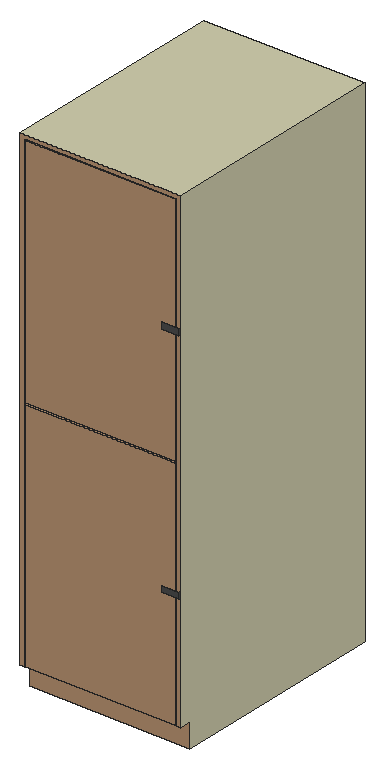
Revit family "Cabinet_Wenger_UltraStor_14", category Furniture, Revit 2015
Parameters (values of type "UltraStor Cabinet #14 - Comp Wood Doors")
  URL = "https://www.wengercorp.com/"
  Type Comments = ""
  Specification = "http://www.arcat.com/sdspecs/htm04/12_35_83wen.htm"
  Shelf Thickness = 0' - 1 1/8"
  Sales Information = "https://www.wengercorp.com/contact-us.php"
  Revision = "R1_2018-04"
  Rear Panel Thickness = 0' - 0 3/4"
  Product Data = "http://www.arcat.com/arcatcos/cos36/arc36487.html"
  Manufacturer Website = "https://www.wengercorp.com/"
  Manufacturer Phone - Toll Free = "800-4WENGER"
  Manufacturer Phone = "(507) 455-4100"
  Manufacturer Fax = "(507) 455-4258"
  Manufacturer Address = "555 Park Dr., Owatonna, MN 55060"
  Keynote = "12 35 83"
  HasDoors = yes
  Green Building-LEED = "http://www.arcat.com/green/clients/leed_data_36487.html"
  Drawn By = "Sumex Design, Inc. / Robert S. Weygant, CSI, CDT, SCIP"
  Door Width = (Cabinet Width - 0' 1 1/2")  # 2' - 2"
  Door Style = Door_Base : Solid Door
  Door Material [instance] = Wenger Cherry (Use Cherry Edge Band Only)
  Toe Kick Material [instance] = Wenger Cherry (Use Cherry Edge Band Only)
  RH End Panel [instance] = no
  Model = "#14"
  Manufacturer = "Wenger Corporation"
  LH End Panel [instance] = no
  End Panel Material [instance] = Wenger Cherry (Use Cherry Edge Band Only)
  Edge Banding Material [instance] = Wenger Cherry (Use Cherry Edge Band Only)
  Cost = 0
  Copyright = "© 2018 Arcat Inc."
  Construction Details = "http://www.arcat.com/details/wengerco/wengerco.html?coid=36487"
  Body Material [instance] = Wenger - Oyster
  Description = "Wenger UltraStor Cabinet #14 - Comp Wood Doors"
  Cabinet Width = 2' - 3 1/2"
  Cabinet Height = 7' - 1 5/8"
  Installed Depth = 3' - 3 1/4"
  Cabinet Panel Thickness = 0' - 0 3/4"
  Assembly Code = "E2010200"
Types (14): name | Rear Panel Thickness | HasDoors | Door Width | Door Style | Door Material | Model | Description | Cabinet Width | Installed Depth
  Acoustic Cabinet #14 - No Doors | 0' - 3 1/4" | no | 2' - 2" | Door_Base : Solid Door | none | "#14A" | "Wenger Acoustic Cabinet #14 - No Doors" | 2' - 3 1/2" | 3' - 5 3/4"
  Narrow Acoustic Cabinet #14 - No Doors | 0' - 3 1/4" | no | 1' - 8" | Door_Base : Solid Door | none | "#14NA" | "Wenger Narrow Acoustic Cabinet #14 - No Doors" | 1' - 9 1/2" | 3' - 5 3/4"
  Narrow Acoustic Cabinet #14 - Comp Waterfall Grille Doors | 0' - 3 1/4" | yes | 1' - 8" | Door_Base : Waterfall | Painted Black | "#14NA" | "Wenger Narrow Acoustic Cabinet #14 - Comp Waterfall Grille Doors" | 1' - 9 1/2" | 3' - 5 3/4"
  Narrow Acoustic Cabinet #14 - Comp Grille Doors | 0' - 3 1/4" | yes | 1' - 8" | Door_Base : Bars | Painted Black | "#14NA" | "Wenger Narrow Acoustic Cabinet #14 - Comp Grille Doors" | 1' - 9 1/2" | 3' - 5 3/4"
  Acoustic Cabinet #14 - Comp Grille Doors | 0' - 3 1/4" | yes | 2' - 2" | Door_Base : Bars | Painted Black | "#14A" | "Wenger Acoustic Cabinet #14 - Comp Grille Doors" | 2' - 3 1/2" | 3' - 5 3/4"
  Acoustic Cabinet #14 - Comp Waterfall Grille Doors | 0' - 3 1/4" | yes | 2' - 2" | Door_Base : Waterfall | Painted Black | "#14A" | "Wenger Acoustic Cabinet #14 - Comp Waterfall Grille Doors" | 2' - 3 1/2" | 3' - 5 3/4"
  UltraStor Cabinet #14 - Comp Wood Doors | 0' - 0 3/4" | yes | 2' - 2" | Door_Base : Solid Door | Wenger Cherry (Use Cherry Edge Band Only) | "#14" | "Wenger UltraStor Cabinet #14 - Comp Wood Doors" | 2' - 3 1/2" | 3' - 3 1/4"
  Narrow UltraStor Cabinet #14 - No Doors | 0' - 0 3/4" | no | 1' - 8" | Door_Base : Solid Door | none | "#14N" | "Wenger Narrow Cabinet #14 - No Doors" | 1' - 9 1/2" | 3' - 3 1/4"
  Narrow UltraStor Cabinet #14 - Comp Waterfall Grille Doors | 0' - 0 3/4" | yes | 1' - 8" | Door_Base : Waterfall | Painted Black | "#14N" | "Wenger Narrow Cabinet #14 - Comp Waterfall Grille Doors" | 1' - 9 1/2" | 3' - 3 1/4"
  Narrow UltraStor Cabinet #14 - Comp Grille Doors | 0' - 0 3/4" | yes | 1' - 8" | Door_Base : Bars | Painted Black | "#14N" | "Wenger Narrow Cabinet #14 - Comp Grille Doors" | 1' - 9 1/2" | 3' - 3 1/4"
  UltraStor Cabinet #14 - Comp Waterfall Grille Doors | 0' - 0 3/4" | yes | 2' - 2" | Door_Base : Waterfall | Painted Black | "#14" | "Wenger UltraStor Cabinet #14 - Comp Waterfall Grille Doors" | 2' - 3 1/2" | 3' - 3 1/4"
  Narrow UltraStor Cabinet #14 - Comp Wood Doors | 0' - 0 3/4" | yes | 1' - 8" | Door_Base : Solid Door | Wenger Cherry (Use Cherry Edge Band Only) | "#14N" | "Wenger Narrow Cabinet #14 - Comp Wood Doors" | 1' - 9 1/2" | 3' - 3 1/4"
  UltraStor Cabinet #14 - No Doors | 0' - 0 3/4" | no | 2' - 2" | Door_Base : Solid Door | none | "#14" | "Wenger UltraStor Cabinet #14 - No Doors" | 2' - 3 1/2" | 3' - 3 1/4"
  UltraStor Cabinet #14 - Comp Grille Doors | 0' - 0 3/4" | yes | 2' - 2" | Door_Base : Bars | Painted Black | "#14" | "Wenger UltraStor Cabinet #14 - Comp Grille Doors" | 2' - 3 1/2" | 3' - 3 1/4"
Reference planes (in)
  plane 1 "Front": y = 0
  plane 2: z = 0
  plane 3 "Left": x = 0
  plane 4 "Right": x = 27.5
  plane 5 "Back": y = 39.25
  plane 6 "Top": z = 85.625
  plane 7: z = 4
  plane 8: z = 44.4375
  plane 9: x = 0.75
  plane 10: x = 26.75
  plane 11: z = 84.875
  plane 12: x = 13.75
  plane 13: y = 38.5
  plane 14: y = 2
  plane 15: y = 0.75
  plane 16: z = 45.5625
  plane 17: z = 5.125
Forms (in)
  Extrusion 1, solid, material "Wenger - Oyster" <- "Body Material"
    sketch origin (0, 0, 0) x (0, 1, 0) y (0, 0, 1)
      loop
        line (0, 85.625) -> (0, 4) -> (2, 4) -> (2, 0) -> (39.25, 0) -> (39.25, 85.625) -> (0, 85.625)
    from 0 to 27.5
  Extrusion 2, void
    sketch origin (0, 0, 0) x (0, 1, 0) y (0, 0, 1)
      loop
        line (-5.5, 84.875) -> (-5.5, 4) -> (0.75, 4)
        arc (0.75, 4) -> (1.15915, 4.80234) -> (2, 5.125) r 1.25694
        line (2, 5.125) -> (38.5, 5.125) -> (38.5, 44.4375) -> (0.75, 44.4375)
        arc (0.75, 44.4375) -> (1.18296, 45.21338) -> (2, 45.5625) r 1.375
        line (2, 45.5625) -> (38.5, 45.5625) -> (38.5, 84.875) -> (-5.5, 84.875)
    from 0.75 to 26.75
  Extrusion 3, void
    sketch origin (0, 0, 0) x (0, 1, 0) y (0, 0, 1)
      loop
        line (0, 84.875) -> (0, 4) -> (0.0625, 4) -> (0.0625, 84.875) -> (0, 84.875)
    from 0.75 to 26.75
Cuts and joins
  Extrusion 2, Extrusion 3 cuts Extrusion 1
Lines and regions (in)
  Masking region 1
    outline origin (0, 0, 0) x (1, 0, 0) y (0, 1, 0)
      loop
        line (0, 39.25) -> (0, 0) -> (27.5, 0) -> (27.5, 39.25) -> (0, 39.25)
Dimensions and locks (in)
  "Cabinet Panel Thickness": plane 3 "Left" to plane 9
  "Cabinet Panel Thickness": plane 10 to plane 4 "Right"
  "Cabinet Panel Thickness": plane 5 "Back" to plane 13
  locked: plane 1 "Front" to plane 15 at 0.75
  locked: plane 1 "Front" to plane 14 at 2
  "Shelf Thickness": plane 16 to plane 8
  "Cabinet Panel Thickness": plane 6 "Top" to plane 11
  "Shelf Thickness": plane 17 to plane 7
  "Cabinet Width": plane 3 "Left" to plane 4 "Right"
  locked: plane 7 to level at 4
  "Cabinet Height": plane 6 "Top" to level
  "Installed Depth": plane 1 "Front" to plane 5 "Back"
  plane 3 "Left" to plane 4 "Right" = 2' - 3 1/2"
  equal spacing: plane 5 "Back", nested 2, plane 1 "Front"
  equal spacing: plane 4 "Right", plane 12, plane 3 "Left"
  equal spacing: plane 11, plane 8, plane 7
  aligned and locked: Extrusion 1 sketch curve to plane 6 "Top"
  aligned and locked: Extrusion 1 sketch curve to plane 5 "Back"
  aligned and locked: Extrusion 1 sketch curve to plane 1 "Front"
  aligned and locked: Extrusion 1 sketch curve to plane 7
  aligned and locked: Extrusion 1 sketch curve to plane 14
  aligned and locked: Extrusion 1 sketch curve to level
  aligned and locked: Extrusion 1 to plane 4 "Right"
  aligned and locked: Extrusion 1 to plane 3 "Left"
  aligned and locked: Extrusion 2 sketch curve to plane 11
  aligned and locked: Extrusion 2 sketch curve to plane 16
  aligned and locked: Extrusion 2 sketch curve to plane 8
  aligned and locked: Extrusion 2 sketch curve to plane 17
  aligned and locked: Extrusion 2 to plane 9
  aligned and locked: Extrusion 3 sketch curve to cut or joined group of Extrusion 1, Extrusion 2, Extrusion 3  (x3)
  aligned and locked: Extrusion 3 to plane 10
  aligned and locked: Extrusion 3 to plane 9
  aligned and locked: nested 3 to plane 9
  aligned and locked: plane 11 to nested 3
  aligned and locked: nested 4 to plane 9
  aligned and locked: plane 7 to cut or joined group of Extrusion 1, Extrusion 2, Extrusion 3
  aligned and locked: nested 4 to plane 7
  aligned and locked: plane 15 to Extrusion 2 sketch curve
  aligned and locked: plane 1 "Front" to nested 5
  aligned and locked: nested 5 to level
  aligned and locked: nested 5 to plane 4 "Right"
  aligned and locked: Masking region 1 sketch curve to plane 5 "Back"
  aligned and locked: Masking region 1 sketch curve to plane 1 "Front"
  aligned and locked: plane 3 "Left" to Masking region 1 sketch curve
  aligned and locked: plane 4 "Right" to Masking region 1 sketch curve
  aligned and locked: plane 8 to nested 4
  aligned and locked: nested 3 to plane 8
  aligned and locked: cut or joined group of Extrusion 1, Extrusion 2, Extrusion 3 to plane 10
  aligned and locked: plane 12 to nested 2
Automatic sketch dimensions
  plane 15 to Extrusion 3 sketch curve = 0' - 0 11/16"
  Extrusion 2 sketch curve to plane 7 = 0' - 0"
  Extrusion 2 sketch curve to plane 14 = 0' - 0"  (x2)
  Extrusion 2 sketch curve to plane 13 = 0' - 0"  (x2)
  plane 1 "Front" to Extrusion 2 sketch curve = 0' - 5 1/2"
  Extrusion 2 sketch curve to plane 15 = 0' - 0"
  Extrusion 2 sketch curve to plane 14 = 0' - 0.10279"
Nested families (in)
  nested 1: "End Panel" at (0, 24.25, 0) x (0, -1, 0) z (0, 0, 1), End Panel Material <- "End Panel Material", visible <- "LH End Panel", Edge Banding Material <- "Edge Banding Material", type "End Panel"
    with End Panel Material Wenger Cherry (Use Cherry Edge Band Only), Edge Banding Material Wenger Cherry (Use Cherry Edge Band Only), End Panel Depth 3' - 3 1/4"
  nested 2: "Labels" at (13.75, 19.625, 0), type "Labels"
  nested 3: "Door_Base" at (13.75, 0, 44.4375) x (1, 0, 0) z (0, -1, 0), type <- "Door Style", visible <- "HasDoors", Width <- "Door Width", type "Solid Door", detail levels medium+fine
    with vBars 24, Width 2' - 2", ToeKick Height 0' - 4", MidBar no, Height 3' - 4 7/16", BarHt 3' - 3 15/16", 2HzBars no
  nested 4: "Door_Base" at (13.75, 0, 4) x (1, 0, 0) z (0, -1, 0), type <- "Door Style", visible <- "HasDoors", Width <- "Door Width", type "Solid Door", detail levels medium+fine
    with vBars 24, Width 2' - 2", ToeKick Height 0' - 4", MidBar no, Height 3' - 4 7/16", BarHt 3' - 3 15/16", 2HzBars no
  nested 5: "End Panel" at (28.25, 24.25, 0) x (0, -1, 0) z (0, 0, 1), End Panel Material <- "End Panel Material", Edge Banding Material <- "Edge Banding Material", visible <- "RH End Panel", type "End Panel"
    with End Panel Material Wenger Cherry (Use Cherry Edge Band Only), Edge Banding Material Wenger Cherry (Use Cherry Edge Band Only), End Panel Depth 3' - 3 1/4"
Definition of nested family "End Panel"
  Parameters (values of type "End Panel")
    End Panel Material [instance] = none
    End Panel Height = 7' - 1 5/8"
    End Panel Depth = 1' - 9 3/4"
    Edge Banding Material [instance] = none
    Default Elevation = 4' - 0"
    Assembly Code = ""
  Reference planes (in)
    plane 1 "Center (Front/Back)": y = 0
    plane 2: z = 0
    plane 3 "Center (Left/Right)": x = 0
    plane 4: x = -15
    plane 5: x = 6.75
    plane 6: z = 4
    plane 7: x = 4.75
    plane 8: z = 85.625
    plane 9: y = -0.75
  Forms (in)
    Extrusion 1, solid, material <- "End Panel Material"
      sketch origin (0, 0, 0) x (1, 0, 0) y (0, 0, 1)
        loop
          line (-15, 85.625) -> (-15, 0) -> (4.75, 0) -> (4.75, 4) -> (6.75, 4) -> (6.75, 85.625) -> (-15, 85.625)
      from 0 to 0.75
  Lines and regions (in)
    Masking region 1, detail levels coarse+medium
      outline origin (0, 0, 0) x (1, 0, 0) y (0, 1, 0)
        loop
          line (-15, 0) -> (-15, -0.75) -> (6.75, -0.75) -> (6.75, 0) -> (-15, 0)
  Dimensions and locks (in)
    locked: plane 7 to plane 5 at 2
    locked: plane 6 to level at 4
    "End Panel Height": plane 8 to level
    "End Panel Depth": plane 5 to plane 4
    locked: plane 9 to plane 1 "Center (Front/Back)" at 0.75
    aligned and locked: plane 4 to Extrusion 1 sketch curve
    aligned and locked: level to Extrusion 1 sketch curve
    aligned and locked: plane 7 to Extrusion 1 sketch curve
    aligned and locked: plane 6 to Extrusion 1 sketch curve
    aligned and locked: Extrusion 1 sketch curve to plane 5
    aligned and locked: Extrusion 1 sketch curve to plane 8
    aligned and locked: Extrusion 1 to plane 9
    aligned and locked: Extrusion 1 to plane 1 "Center (Front/Back)"
    aligned and locked: plane 4 to Masking region 1 sketch curve
    aligned and locked: Masking region 1 sketch curve to plane 5
    aligned and locked: plane 1 "Center (Front/Back)" to Masking region 1 sketch curve
    aligned and locked: plane 9 to Masking region 1 sketch curve
Definition of nested family "Door_Base"
  Parameters (values of type "None")
    vBars [instance] = (Width - 0' 2") / 0' 1"  # 6
    Width [instance] = 0' - 8"
    ToeKick Height [instance] = 0' - 4"
    Thickness = 0' - 0 3/4"
    Solid Door = no
    Shelf Thickness = 0' - 0 3/4"
    Panel Thickness = 0' - 0 3/4"
    MidBar [instance] = and(Height < 1' 6", HasDoor, not(Solid Door))  # no
    Height [instance] = 1' - 2 5/8"
    HasDoor = no
    Edge Banding = none
    DoorGap = 0' - 0 1/8"
    Door Finish = none
    Depth = 2' - 0"
    Default Elevation = 4' - 0"
    Bars = no
    BarStyle = Bars : Waterfall
    BarHt [instance] = Height - 0' 0 1/2"  # 1' - 2 1/8"
    2HzBars [instance] = and(Height > 1' 6", not(Solid Door))  # no
  Types (4): name | Thickness | Solid Door | MidBar | HasDoor | Bars | BarStyle
    Solid Door | 0' - 0 3/4" | yes | no | yes | no | Bars : Waterfall
    Bars | 0' - 0 1/4" | no | yes | yes | yes | Bars : Straight
    Waterfall | 0' - 0 3/4" | no | yes | yes | yes | Bars : Waterfall
    None | 0' - 0 3/4" | no | no | no | no | Bars : Waterfall
  Reference planes (in)
    plane 1 "Center (Front/Back)": y = 0
    plane 2: z = 0
    plane 3 "Center (Left/Right)": x = 0
    plane 4: x = -4
    plane 5: y = 14.625
    plane 6: x = 4
    plane 7: z = -0.75
    plane 8: x = -3.875
    plane 9: x = 3.875
    plane 10: y = 0.125
    plane 11: y = 14.5
    plane 12: y = -0.75
    plane 13 "CL Elev": y = 7.3125
    plane 14: x = -3.75
    plane 15: x = 3.75
    plane 16 "BtmRail": y = 0.25
    plane 17: y = 14.375
    plane 18: z = -0.125
    plane 19: x = -2.75
    plane 20: x = 2.75
    plane 21: y = 9.66667
    plane 22: y = 4.95833
  Forms (in)
    Extrusion 1, solid, material <- "Door Finish", visible <- "Solid Door", detail levels medium+fine
      sketch origin (0, 0, 0) x (1, 0, 0) y (0, 1, 0)
        loop
          arc (-3.75, 14.5) -> (-3.83839, 14.46339) -> (-3.875, 14.375) r 0.125
          line (-3.875, 14.375) -> (-3.875, 0.25)
          arc (-3.875, 0.25) -> (-3.83839, 0.16161) -> (-3.75, 0.125) r 0.125
          line (-3.75, 0.125) -> (3.75, 0.125)
          arc (3.75, 0.125) -> (3.83839, 0.16161) -> (3.875, 0.25) r 0.125
          line (3.875, 0.25) -> (3.875, 14.375)
          arc (3.875, 14.375) -> (3.83839, 14.46339) -> (3.75, 14.5) r 0.125
          line (3.75, 14.5) -> (-3.75, 14.5)
      from 0 to -0.75
    Sweep 2, solid, material <- "Door Finish", visible <- "Bars", detail levels medium+fine
      path origin (0, 0, 0) x (1, 0, 0) y (0, 1, 0)
        loop
          arc (-3.125, 14.5) -> (-3.65533, 14.28033) -> (-3.875, 13.75) r 0.75
          line (-3.875, 13.75) -> (-3.875, 0.875)
          arc (-3.875, 0.875) -> (-3.65533, 0.34467) -> (-3.125, 0.125) r 0.75
          line (-3.125, 0.125) -> (3.125, 0.125)
          arc (3.125, 0.125) -> (3.65533, 0.34467) -> (3.875, 0.875) r 0.75
          line (3.875, 0.875) -> (3.875, 13.75)
          arc (3.875, 13.75) -> (3.65533, 14.28033) -> (3.125, 14.5) r 0.75
          line (3.125, 14.5) -> (-3.125, 14.5)
      profile origin (0, 14.5, 0) x (0, 1, 0) y (0, 0, 1)
        loop
          circle (-0.125, -0.125) r 0.125
    Extrusion 3, solid, material <- "Door Finish", visible <- "MidBar", detail levels medium+fine
      sketch origin (0, 0, 0) x (0, 1, 0) y (0, 0, 1)
        loop
          circle (7.3125, -0.125) r 0.125
      from -3.75 to 3.75
    Extrusion 4, solid, visible <- "HasDoor", detail levels fine
      sketch origin (0, 0, 0) x (1, 0, 0) y (0, 1, 0)
        loop
          line (1.5, 7.8125) -> (1.5, 6.8125) -> (4.5, 6.8125) -> (4.5, 7.8125) -> (1.5, 7.8125)
      from 0 to 0.125
    Extrusion 5, solid, material <- "Door Finish", visible <- "2HzBars", detail levels medium+fine
      sketch origin (0, 0, 0) x (0, 1, 0) y (0, 0, 1)
        loop
          circle (9.66667, -0.125) r 0.125
        loop
          circle (4.95833, -0.125) r 0.125
      from -3.75 to 3.75
  Lines and regions (in)
    symbolic lines, visible <- "HasDoor", detail levels medium+fine
      curve 1: line (4, 0.25, 0) -> (-4, 0.25, 0)
      curve 2: line (-4, 0.25, 0) -> (-4, 0.25, 8)
      curve 3: arc (4, 0.25, 0) -> (1.65685, 0.25, 5.65685) -> (-4, 0.25, 8) r 8
    symbolic lines, visible <- "HasDoor"
      curve 4: line (3.875, 0.25, 0) -> (3.875, 0.25, -0.75)
      curve 5: line (3.875, 0.25, -0.75) -> (-3.875, 0.25, -0.75)
      curve 6: line (-3.875, 0.25, -0.75) -> (-3.875, 0.25, 0)
    symbolic lines, detail levels medium
      curve 7: line (3.875, 14.5, 0) -> (-3.875, 7.3125, 0)
      curve 8: line (-3.875, 7.3125, 0) -> (3.875, 0.125, 0)
  Dimensions and locks (in)
    "Height": plane 1 "Center (Front/Back)" to plane 5
    "Thickness": level to plane 7
    equal spacing: plane 4, plane 3 "Center (Left/Right)", plane 6
    "Width": plane 4 to plane 6
    "DoorGap": plane 5 to plane 11
    "DoorGap": plane 9 to plane 6
    "DoorGap": plane 4 to plane 8
    "DoorGap": plane 1 "Center (Front/Back)" to plane 10
    "Shelf Thickness": plane 1 "Center (Front/Back)" to plane 12
    equal spacing: plane 1 "Center (Front/Back)", plane 13 "CL Elev", plane 5
    locked: plane 15 to plane 9 at 0.125
    locked: plane 8 to plane 14 at 0.125
    locked: plane 11 to plane 17 at 0.125
    locked: plane 16 "BtmRail" to plane 10 at 0.125
    locked: level to plane 18 at 0.125
    plane 19 to plane 14 = 0' - 1"
    locked: plane 15 to plane 20 at 1
    Extrusion 4 sketch curve to plane 13 "CL Elev" to Extrusion 4 sketch curve = 0' - 0 1/2" locked, 0' - 0 1/2" locked
    locked: plane 6 to Extrusion 4 sketch curve at 0.5
    locked: Extrusion 4 sketch curve to plane 6 at 2.5
    locked: Extrusion 4 to level at 0.125
    equal spacing: group 1, group 3, group 4, group 5, group 6, group 2  (x3)
    equal spacing: plane 17, plane 21, plane 22, plane 16 "BtmRail"
    "Width": radius of curve 3
    aligned and locked: plane 2 to level
    aligned and locked: Extrusion 1 sketch curve to plane 11
    aligned and locked: plane 8 to Extrusion 1 sketch curve
    aligned and locked: Extrusion 1 sketch curve to plane 9
    aligned and locked: plane 10 to Extrusion 1 sketch curve
    aligned and locked: Extrusion 1 to plane 7
    aligned and locked: level to Extrusion 1
    aligned and locked: Sweep 2 sketch curve to plane 11
    aligned and locked: plane 8 to Sweep 2 sketch curve
    aligned and locked: plane 10 to Sweep 2 sketch curve
    aligned and locked: Sweep 2 sketch curve to plane 9
    aligned and locked: plane 15 to Extrusion 3
    aligned and locked: Extrusion 3 to plane 14
    aligned and locked: plane 20 to nested 2
    aligned and locked: plane 19 to nested 1
    aligned and locked: plane 21 to Extrusion 5 sketch curve
    aligned and locked: plane 18 to Extrusion 5 sketch curve  (x2)
    aligned and locked: plane 22 to Extrusion 5 sketch curve
    aligned and locked: Extrusion 5 to Extrusion 3  (x2)
    aligned and locked: plane 4 to curve 3  (x2)
    aligned and locked: level to curve 3
    aligned and locked: plane 7 to curve 5
    aligned and locked: Extrusion 1 to plane 8
    aligned and locked: plane 9 to Extrusion 1
    aligned and locked: plane 10 to curve 8
    aligned and locked: plane 9 to curve 8
    aligned and locked: plane 13 "CL Elev" to curve 8
    aligned and locked: plane 11 to curve 7
    aligned and locked: plane 9 to curve 7
  Automatic sketch dimensions
    plane 8 to Sweep 2 sketch curve = 0' - 0 3/4"  (x2)
    Sweep 2 sketch curve to plane 9 = 0' - 0 3/4"
    Sweep 2 sketch curve to Sweep 2 sketch curve = 0' - 0 3/4"
    Sweep 2 sketch curve to level = 0' - 0 1/8"
    profile plane to Sweep 2 sketch curve = 0' - 0 1/8"
    Extrusion 3 sketch curve to level = 0' - 0 1/8"
    Extrusion 3 sketch curve to plane 13 "CL Elev" = 0' - 0"
    curve 8 to plane 8 = 0' - 0"
    Extrusion 1 sketch curve to plane 14 = 0' - 0"  (x2)
    Extrusion 1 sketch curve to plane 15 = 0' - 0"  (x2)
    curve 5 to plane 9 = 0' - 0"
    curve 6 to plane 8 = 0' - 0"
    radius of Sweep 2 sketch curve = 0' - 0 1/8"
    radius of Extrusion 3 sketch curve = 0' - 0 1/8"
    radius of Extrusion 5 sketch curve = 0' - 0 1/8"  (x2)
  Nested families (in)
    nested 1: "Bars" at (-2.75, 0.25, -0.125) x (1, 0, 0) z (0, 1, 0), type <- "BarStyle", visible <- "Bars", type "Waterfall", detail levels fine
      with Lateral Deviation 0' - 1", Height 1' - 2 1/8"
    nested 2: "Bars" at (2.75, 0.25, -0.125) x (1, 0, 0) z (0, 1, 0), type <- "BarStyle", visible <- "Bars", type "Waterfall", detail levels fine
      with Lateral Deviation 0' - 1", Height 1' - 2 1/8"
    nested 3: "Bars" at (-1.65, 0.25, -0.125) x (1, 0, 0) z (0, 1, 0), type <- "BarStyle", visible <- "Bars", type "Waterfall", detail levels fine
      with Lateral Deviation 0' - 1", Height 1' - 2 1/8"
    nested 4: "Bars" at (-0.55, 0.25, -0.125) x (1, 0, 0) z (0, 1, 0), type <- "BarStyle", visible <- "Bars", type "Waterfall", detail levels fine
      with Lateral Deviation 0' - 1", Height 1' - 2 1/8"
    nested 5: "Bars" at (0.55, 0.25, -0.125) x (1, 0, 0) z (0, 1, 0), type <- "BarStyle", visible <- "Bars", type "Waterfall", detail levels fine
      with Lateral Deviation 0' - 1", Height 1' - 2 1/8"
    nested 6: "Bars" at (1.65, 0.25, -0.125) x (1, 0, 0) z (0, 1, 0), type <- "BarStyle", visible <- "Bars", type "Waterfall", detail levels fine
      with Lateral Deviation 0' - 1", Height 1' - 2 1/8"
  Definition of nested family "Bars"
    Parameters (values of type "Straight")
      WaterFall = no
      Straight = yes
      Lateral Deviation = 0' - 1 1/2"
      Height = 1' - 2 5/8"
      Default Elevation = 4' - 0"
      Bars = none
    Types (3): name | WaterFall | Straight
      (no name) | no | yes
      Waterfall | yes | no
      Straight | no | yes
    Reference planes (in)
      plane 1 "Center (Front/Back)": y = 0
      plane 2: z = 0
      plane 3 "Center (Left/Right)": x = 0
      plane 4: z = 14.625
      plane 5: z = 7.3125
      plane 6: x = 0.75
      plane 7: x = -0.75
      plane 8: z = 10.96875
      plane 9: z = 3.65625
    Forms (in)
      Sweep 1, solid, material <- "Bars", visible <- "WaterFall"
        path origin (0, 0, 0) x (1, 0, 0) y (0, 0, 1)
          loop
            arc (0, 0) -> (0.56057, 1.79006) -> (0.75, 3.65625) r 9.28711
            arc (0.75, 3.65625) -> (0.56057, 5.52244) -> (0, 7.3125) r 9.28711
        profile origin (0.56057, 0, 1.79006) x (-0.979603, 0, 0.200944) y (0, -1, 0)
          loop
            circle (0, 0) r 0.0625
      Sweep 2, solid, material <- "Bars", visible <- "WaterFall"
        path origin (0, 0, 14.625) x (-1, 0, 0) y (0, 0, -1)
          loop
            arc (0, 0) -> (0.56057, 1.79006) -> (0.75, 3.65625) r 9.28711
            arc (0.75, 3.65625) -> (0.56057, 5.52244) -> (0, 7.3125) r 9.28711
        profile origin (-0.56057, 0, 12.83494) x (0.979603, 0, -0.200944) y (0, -1, 0)
          loop
            circle (0, 0) r 0.0625
      Extrusion 3, solid, material <- "Bars", visible <- "Straight"
        sketch origin (0, 0, 0) x (1, 0, 0) y (0, 1, 0)
          loop
            circle (0, 0) r 0.0625
        from 0 to 14.625
    Dimensions and locks (in)
      "Height": plane 4 to level
      equal spacing: plane 6, plane 3 "Center (Left/Right)", plane 7
      "Lateral Deviation": plane 6 to plane 7
      equal spacing: plane 4, plane 8, plane 5, plane 9, level
      aligned and locked: plane 2 to level
      aligned and locked: plane 3 "Center (Left/Right)" to Sweep 1 sketch curve  (x2)
      aligned and locked: level to Sweep 1 sketch curve
      aligned and locked: plane 6 to Sweep 1 sketch curve
      aligned and locked: plane 9 to Sweep 1 sketch curve
      aligned and locked: plane 4 to Sweep 2 sketch curve
      aligned and locked: plane 3 "Center (Left/Right)" to Sweep 2 sketch curve  (x2)
      aligned and locked: plane 8 to Sweep 2 sketch curve
      aligned and locked: plane 7 to Sweep 2 sketch curve
      aligned and locked: plane 5 to Sweep 2 sketch curve
      aligned and locked: plane 4 to Extrusion 3
      aligned and locked: Extrusion 3 to level
    Automatic sketch dimensions
      plane 1 "Center (Front/Back)" to Sweep 1 sketch curve = 0' - 0"
      Sweep 1 sketch curve to profile plane = 0' - 0"
      Sweep 1 sketch curve to Sweep 1 sketch curve = 0' - 0"
      Sweep 2 sketch curve to plane 1 "Center (Front/Back)" = 0' - 0"
      Sweep 2 sketch curve to profile plane = 0' - 0"
      plane 1 "Center (Front/Back)" to Extrusion 3 sketch curve = 0' - 0"
      Extrusion 3 sketch curve to plane 3 "Center (Left/Right)" = 0' - 0"
      radius of Sweep 1 sketch curve = 0' - 0 1/16"
      radius of Sweep 2 sketch curve = 0' - 0 1/16"
      radius of Extrusion 3 sketch curve = 0' - 0 1/16"
Definition of nested family "Labels"
  Parameters
    Cabinet Label = "01"
  Reference planes (in)
    plane 1: y = 0
    plane 2: x = 0
  Text (in)
    label "xxxx" at (-0.00018, 0.00754, 0), shows "Cabinet Label"
